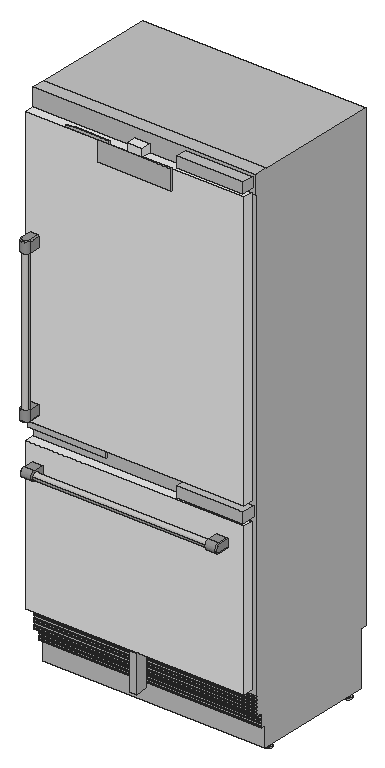
Revit family "FP-3D-Revit20-en-RS9121WRUVE1-IntegratedRefrigerator-0-90003564A", category Specialty Equipment, Revit 2020
Family settings
  Round Connector Dimension = Use Diameter
  Part Type = Normal
  OmniClass Number = 23.40.40.11.11
  OmniClass Title = Refrigerators and Freezers
  Work Plane-Based = No
  Always vertical = Yes
  Cut with Voids When Loaded = Yes
  Shared = No
  Room Calculation Point = No
Parameters (values of type "RS9121WRUVE1")
  Visibility - Water Connection = yes
  Visibility - Visibility Control Note = yes
  Visibility - Clearance Required = yes
  URL = "www.fisherpaykel.com"
  Stainless Steel Door Panels (RD9121WRD) = no
  Product - Width = 908 mm  # constant formula
  Product - Height = 2134 mm  # constant formula
  Product - Depth (exl front panel) = 610 mm  # constant formula
  Model = "RS3084WLU1"
  Material - Handle = Fisher & Paykel - Aluminium
  Material - Door Structure = Fisher & Paykel - White
  Material - Door Front = Fisher & Paykel - Stainless Steel
  Material - Body = Fisher & Paykel - Grey
  Manufacturer = "Fisher & Paykel Appliances"
  Handle Style - Professional Round (AHP3RD9121W) = yes
  Handle Style - Contemporary Square Fine Black (AHD5RD9121WB) = no
  Handle Style - Contemporary Square Fine (AHD5RD9121W) = no
  Handle Style - Contemporary Round (AHSRD9121W) = no
  Description = "30\" Integrated Column Freezer with internal Ice & Water, White Interior"
  Default Elevation = 0 mm
  Connector Description - Water = "1/4\" (6mm) comp. stainless steel braided hose"
  Connector Description - Electrical = "120 V, 10 amp fused electrical supply"
  Cavity - Width = 914 mm  # constant formula
  Cavity - Height = 2134 mm  # constant formula
  Cavity - Depth = 635 mm  # constant formula
Reference planes
  plane 1 "Datum": y = 0
  plane 2: z = 0
  plane 3 "Center (Left/Right)": x = 0
  plane 4 "Product LHS": x = -454
  plane 5 "Product RHS": x = 454
  plane 6 "Product - Depth": y = 610
  plane 7 "Cavity LHS": x = -457
  plane 8 "Cavity RHS": x = 457
  plane 9 "Cavity - Depth": y = 635
  plane 10 "Product Height": z = 2134
  plane 11 "Cavity Height": z = 2134
  plane 12 "Door Panel Datum": y = -4.1
  plane 13 "KNOB 33": x = -390
Forms (mm)
  Extrusion 1, solid, material "Fisher & Paykel - Grey" <- "Material - Body", detail levels fine
    sketch origin (0, 0, 0) x (0, 1, 0) y (0, 0, 1)
      loop
        line (100.1, 19.1) -> (587.9, 19.1) -> (587.9, 239.7) -> (610, 239.7) -> (610, 2132.3) -> (105.1, 2132.3) -> (105.1, 2134) -> (49.9, 2134) -> (49.9, 2059) -> (56, 2059) -> (56, 228.6) -> (59.5, 228.6) -> (59.5, 219.7) -> (56.5, 219.7) -> (56.5, 215.9) -> (59.5, 215.9) -> (59.5, 207) -> (56.5, 207) -> (56.5, 203.2) -> (59.5, 203.2) -> (59.5, 194.3) -> (56.5, 194.3) -> (56.5, 190.5) -> (59.5, 190.5) -> (59.5, 181.6) -> (56.5, 181.6) -> (56.5, 177.8) -> (59.5, 177.8) -> (59.5, 168.9) -> (56.5, 168.9) -> (56.5, 165.1) -> (59.5, 165.1) -> (59.5, 156.2) -> (56.5, 156.2) -> (56.5, 152.4) -> (84.1, 152.4) -> (84.1, 143.5) -> (81.1, 143.5) -> (81.1, 139.7) -> (84.1, 139.7) -> (84.1, 130.8) -> (81.1, 130.8) -> (81.1, 127) -> (84.1, 127) -> (84.1, 118.1) -> (81.1, 118.1) -> (81.1, 114.3) -> (84.1, 114.3) -> (84.1, 105.4) -> (81.1, 105.4) -> (81.1, 101.6) -> (100.1, 101.6) -> (100.1, 19.1)
    from -454 to 454
  Extrusion 2, solid, material "Fisher & Paykel - Grey" <- "Material - Body"
    sketch origin (0, 0, 0) x (1, 0, 0) y (0, 1, 0)
      loop
        circle (-433.5, 547.8) r 4.1
      loop
        circle (-433.5, 141.8) r 4.1
      loop
        circle (433.5, 547.8) r 4.1
      loop
        circle (433.5, 141.8) r 4.1
    from 3 to 19.1
  Extrusion 3, solid, material "Fisher & Paykel - Grey" <- "Material - Body"
    sketch origin (0, 0, 0) x (1, 0, 0) y (0, 1, 0)
      loop
        circle (-433.5, 547.8) r 14.5
      loop
        circle (-433.5, 141.8) r 14.555
      loop
        circle (433.5, 547.8) r 14.5
      loop
        circle (433.5, 141.8) r 14.555
    from 0 to 3
  Extrusion 4, solid, material "Fisher & Paykel - Grey" <- "Material - Body", detail levels fine
    sketch origin (0, 0, 0) x (1, 0, 0) y (0, 1, 0)
      loop
        line (-7.5, 49) -> (-13.797, -4.1) -> (13.797, -4.1) -> (7.5, 49) -> (-7.5, 49)
    from 104.2 to 253.8
  Extrusion 5, solid, material "Fisher & Paykel - Grey" <- "Material - Body", detail levels fine
    sketch origin (0, 0, 0) x (0, 1, 0) y (0, 0, 1)
      loop
        line (0, 2070.6) -> (0, 1988.6) -> (2, 1988.6) -> (2, 2068.6) -> (4, 2068.6) -> (4, 2070.6) -> (0, 2070.6)
    from -150 to 150
  Extrusion 6, solid, material "Fisher & Paykel - Grey" <- "Material - Body"
    sketch origin (0, 0, 0) x (1, 0, 0) y (0, 0, 1)
      loop
        circle (379, 119.813) r 5
      loop
        circle (-379, 119.813) r 5
    from -590 to -587.9
  Extrusion 7, solid, material "Fisher & Paykel - White" <- "Material - Door Structure"
    sketch origin (0, 0, 0) x (1, 0, 0) y (0, 1, 0)
      loop
        line (-429, 56) -> (-429, 42) -> (429, 42) -> (429, 56) -> (-429, 56)
    from 951.3 to 2030.7
  Extrusion 8, solid, material "Fisher & Paykel - White" <- "Material - Door Structure"
    sketch origin (0, 0, 0) x (1, 0, 0) y (0, 1, 0)
      loop
        line (-445.4, 42) -> (-445.4, 3) -> (445.4, 3) -> (445.4, 42) -> (-445.4, 42)
    from 943.8 to 2068.6
  Extrusion 9, solid, material "Fisher & Paykel - White" <- "Material - Door Structure", detail levels fine
    sketch origin (0, 0, 0) x (1, 0, 0) y (0, 0, 1)
      loop
        line (-29.5, 2100.1) -> (-29.5, 2068.6) -> (29.5, 2068.6) -> (29.5, 2100.1) -> (-29.5, 2100.1)
    from -42 to -3
  Extrusion 10, solid, material "Fisher & Paykel - Stainless Steel" <- "Material - Door Front", visible <- "Stainless Steel Door Panels (RD9121WRD)"
    sketch origin (0, 0, 0) x (0, 1, 0) y (0, 0, 1)
      loop
        line (-22.1, 2130.8) -> (-22.1, 876.3) -> (-4.1, 876.3) -> (-4.1, 2130.8) -> (-22.1, 2130.8)
      loop
        line (-22.1, 102) -> (-4.1, 102) -> (-4.1, 873.1) -> (-22.1, 873.1) -> (-22.1, 102)
    from -454 to 454
  Extrusion 11, solid, material "Fisher & Paykel - Grey" <- "Material - Body", detail levels coarse+medium
    sketch origin (0, 0, 0) x (0, 1, 0) y (0, 0, 1)
      loop
        line (49.9, 2134) -> (49.9, 2059) -> (56, 2059) -> (56, 152.4) -> (81.1, 152.4) -> (81.1, 101.6) -> (100.1, 101.6) -> (100.1, 19.1) -> (587.9, 19.1) -> (587.9, 239.7) -> (610, 239.7) -> (610, 2134) -> (49.9, 2134)
    from -454 to 454
  Extrusion 12, solid, material "Fisher & Paykel - Grey" <- "Material - Body", detail levels fine
    sketch origin (0, 0, -4) x (0, 1, 0) y (0, 0, 1)
      loop
        arc (163.888, 23.1) -> (180.4, 13.63) -> (196.912, 23.1) r 19.13
        line (196.912, 23.1) -> (163.888, 23.1)
      loop
        arc (493.888, 23.1) -> (510.4, 13.63) -> (526.912, 23.1) r 19.13
        line (526.912, 23.1) -> (493.888, 23.1)
    from 191 to 219
  Extrusion 13, solid, material "Fisher & Paykel - Grey" <- "Material - Body", detail levels fine
    sketch origin (0, 0, -4) x (0, 1, 0) y (0, 0, -1)
      loop
        line (163.888, -23.1) -> (196.912, -23.1)
        arc (196.912, -23.1) -> (180.4, -13.63) -> (163.888, -23.1) r 19.13
      loop
        line (493.888, -23.1) -> (526.912, -23.1)
        arc (526.912, -23.1) -> (510.4, -13.63) -> (493.888, -23.1) r 19.13
    from 191 to 219
  Extrusion 14, solid, material "Fisher & Paykel - Clearance Required", visible <- "Visibility - Clearance Required", detail levels coarse
    sketch origin (0, 0, 0) x (1, 0, 0) y (0, 1, 0)
      loop
        line (-457, 635) -> (-457, -4.1) -> (457, -4.1) -> (457, 635) -> (-457, 635)
    from 0 to 2134
  Extrusion 15, void
    sketch origin (0, 0, 0) x (1, 0, 0) y (0, 1, 0)
      loop
        line (-457, 635) -> (-457, -22.1) -> (457, -22.1) -> (457, 635) -> (-457, 635)
    from 0 to 2134
  Extrusion 16, solid, material "Fisher & Paykel - White" <- "Material - Door Structure"
    sketch origin (0, 0, 0) x (1, 0, 0) y (0, 1, 0)
      loop
        line (-445.4, 42) -> (-445.4, 3) -> (445.4, 3) -> (445.4, 42) -> (-445.4, 42)
    from 253.8 to 868.15
  Extrusion 17, solid, material "Fisher & Paykel - White" <- "Material - Door Structure"
    sketch origin (0, 0, 0) x (1, 0, 0) y (0, 1, 0)
      loop
        line (-429, 56) -> (-429, 42) -> (429, 42) -> (429, 56) -> (-429, 56)
    from 269.2 to 858.13
  Extrusion 18, solid, material "Fisher & Paykel - Clearance Required", visible <- "Visibility - Clearance Required", detail levels coarse
    sketch origin (0, 0, 0) x (0, 1, 0) y (0, 0, 1)
      loop
        line (-422.1, 873.1) -> (-422.1, 818.896) -> (-482.1, 818.896) -> (-482.1, 781.896) -> (-422.1, 781.896) -> (-422.1, 101.6) -> (-22.1, 101.6) -> (-22.1, 873.1) -> (-422.1, 873.1)
    from -454 to 454
  Extrusion 19, solid, material "Fisher & Paykel - Clearance Required", visible <- "Visibility - Clearance Required", detail levels coarse
    sketch origin (0, -0.697, 0) x (-1, 0, 0) y (0, -1, 0)
      loop
        line (377.5, 21.403) -> (454, 21.403)
        arc (454, 21.403) -> (456.992, 56.377) -> (491.915, 59.919) r 27.5
        line (491.915, 59.919) -> (773.006, 826.779) -> (799.252, 817.159)
        arc (799.252, 817.159) -> (823.815, 826.099) -> (814.875, 850.661) r 18.483
        line (814.875, 850.661) -> (788.602, 862.912) -> (810.604, 910.252)
        arc (810.604, 910.252) -> (-56.539, 799.947) -> (-454, 21.403) r 935.499
        line (-454, 21.403) -> (377.5, 21.403)
    from 876.3 to 2134
  Extrusion 20, solid, material "Fisher & Paykel - Grey" <- "Material - Body", detail levels fine
    sketch origin (0, 0, 0) x (1, 0, 0) y (0, 0, 1)
      loop
        line (442.4, 2123.15) -> (171.42, 2123.15) -> (171.42, 2081.05) -> (442.4, 2081.05) -> (442.4, 2123.15)
    from -49 to -2.5
  Extrusion 21, solid, material "Fisher & Paykel - Grey" <- "Material - Body", detail levels fine
    sketch origin (0, 0, 0) x (1, 0, 0) y (0, 0, 1)
      loop
        line (442.4, 877.25) -> (442.4, 919.35) -> (171.42, 919.35) -> (171.42, 877.25) -> (442.4, 877.25)
    from -56 to -2.5
  Extrusion 22, solid, material "Fisher & Paykel - Grey" <- "Material - Body", detail levels fine
    sketch origin (0, 0, 0) x (-1, 0, 0) y (0, 0, -1)
      loop
        line (118.4, -943.8) -> (435.4, -943.8) -> (435.4, -919.35) -> (118.4, -919.35) -> (118.4, -943.8)
      loop
        line (106, -2081.05) -> (242.9, -2081.05) -> (282.9, -2076.05) -> (282.9, -2068.6) -> (106, -2068.6) -> (106, -2081.05)
    from -7 to -4
Lines and regions (mm)
  model lines, style "Fisher & Paykel"
    curve 1: line (-454, -4.1, 2130.8) -> (454, -4.1, 2130.8)
    curve 2: line (-454, -4.1, 876.3) -> (-454, -4.1, 2130.8)
    curve 3: line (454, -4.1, 876.3) -> (-454, -4.1, 876.3)
    curve 4: line (454, -4.1, 2130.8) -> (454, -4.1, 876.3)
    curve 5: line (454, -4.1, 873.1) -> (-454, -4.1, 873.1)
    curve 6: line (454, -4.1, 102) -> (454, -4.1, 873.1)
    curve 7: line (-454, -4.1, 102) -> (454, -4.1, 102)
    curve 8: line (-454, -4.1, 873.1) -> (-454, -4.1, 102)
Text (mm)
  text "Due to ongoing product development, product details are subject to change without notice. \nPlease always refer to www.fisherpaykel.com for the most current product information. \n© Fisher & Paykel 2020" at (41.04, -878.295, 0), in view "Ref. Level (Plan)"
Dimensions and locks
  equal spacing: plane 4 "Product LHS", plane 3 "Center (Left/Right)", plane 5 "Product RHS"
  "Product - Width": plane 4 "Product LHS" to plane 5 "Product RHS"
  "Product - Depth (exl front panel)": plane 1 "Datum" to plane 6 "Product - Depth"
  equal spacing: plane 7 "Cavity LHS", plane 3 "Center (Left/Right)", plane 8 "Cavity RHS"
  "Cavity - Width": plane 7 "Cavity LHS" to plane 8 "Cavity RHS"
  "Cavity - Depth": plane 9 "Cavity - Depth" to plane 1 "Datum"
  plane 4 "Product LHS" to Extrusion 2 sketch curve = 24.6 mm
  Extrusion 6 sketch curve to Extrusion 1 = 119.887 mm  (x2)
  Extrusion 6 sketch curve to plane 5 "Product RHS" = 75 mm
  plane 4 "Product LHS" to Extrusion 6 sketch curve = 75 mm
  Extrusion 1 sketch curve to Extrusion 1 sketch curve = 82.5 mm
  Extrusion 1 sketch curve to Extrusion 1 sketch curve = 209.5 mm
  Extrusion 1 sketch curve to Extrusion 1 sketch curve = 220.6 mm
  Extrusion 3 to level = 3 mm
  Extrusion 11 to Extrusion 8 = 924.7 mm
  Extrusion 11 to Extrusion 7 = 932.2 mm
  Extrusion 11 to Extrusion 11 = 2114.9 mm
  Extrusion 11 to Extrusion 10 = 82.9 mm
  "Product - Height": level to plane 10 "Product Height"
  plane 10 "Product Height" to Extrusion 10 = 3.2 mm
  Extrusion 8 to plane 10 "Product Height" = 65.4 mm
  Extrusion 7 to plane 10 "Product Height" = 103.3 mm
  Extrusion 11 sketch curve to plane 10 "Product Height" = 75 mm
  Extrusion 1 sketch curve to plane 10 "Product Height" = 1.7 mm
  Extrusion 1 sketch curve to plane 10 "Product Height" = 75 mm
  "Cavity - Height": plane 11 "Cavity Height" to level
  plane 1 "Datum" to Extrusion 14 = 635 mm
  plane 1 "Datum" to Extrusion 15 = 635 mm
  Extrusion 15 to level = 2134 mm
  nested 6 to curve 6 = 454 mm
  Extrusion 22 sketch curve to Extrusion 22 sketch curve = 40 mm
  Extrusion 22 sketch curve to Extrusion 22 sketch curve = 176.9 mm
  radius of Extrusion 6 sketch curve = 5 mm
  aligned and locked: level to plane 2
  aligned and locked: Extrusion 10 to plane 5 "Product RHS"
  aligned and locked: plane 4 "Product LHS" to Extrusion 10
  aligned and locked: Extrusion 11 to plane 5 "Product RHS"
  aligned and locked: Extrusion 11 to plane 4 "Product LHS"
  aligned and locked: Extrusion 11 sketch curve to plane 10 "Product Height"
  aligned and locked: plane 10 "Product Height" to Extrusion 1 sketch curve
  aligned and locked: Extrusion 12 sketch curve to Extrusion 12 sketch curve
  aligned and locked: Extrusion 13 sketch curve to Extrusion 13 sketch curve
  aligned and locked: Extrusion 1 to plane 5 "Product RHS"
  aligned and locked: plane 4 "Product LHS" to Extrusion 1
  aligned and locked: Extrusion 1 to Extrusion 18
  aligned and locked: Extrusion 18 to Extrusion 1
  aligned and locked: plane 13 "KNOB 33" to nested 7
Automatic sketch dimensions
  Extrusion 1 sketch curve to plane 6 "Product - Depth" = 0 mm
  Extrusion 1 sketch curve to Extrusion 1 sketch curve = 22.1 mm
  Extrusion 1 sketch curve to plane 1 "Datum" = 105.1 mm
  level to Extrusion 1 sketch curve = 19.1 mm
  Extrusion 1 sketch curve to plane 1 "Datum" = 100.1 mm
  Extrusion 1 sketch curve to Extrusion 1 sketch curve = 16 mm
  Extrusion 1 sketch curve to Extrusion 1 sketch curve = 0 mm  (x8)
  Extrusion 1 sketch curve to Extrusion 1 sketch curve = 3 mm  (x10)
  Extrusion 1 sketch curve to plane 1 "Datum" = 59.5 mm
  Extrusion 1 sketch curve to plane 1 "Datum" = 56 mm
  Extrusion 1 sketch curve to plane 1 "Datum" = 49.9 mm
  Extrusion 1 sketch curve to Extrusion 1 sketch curve = 3.8 mm  (x10)
  Extrusion 1 sketch curve to Extrusion 1 sketch curve = 8.9 mm  (x9)
  Extrusion 2 sketch curve to plane 4 "Product LHS" = 20.5 mm  (x2)
  plane 5 "Product RHS" to Extrusion 2 sketch curve = 20.5 mm  (x2)
  Extrusion 2 sketch curve to plane 1 "Datum" = 141.8 mm  (x2)
  Extrusion 2 sketch curve to plane 6 "Product - Depth" = 62.2 mm  (x2)
  Extrusion 3 sketch curve to plane 4 "Product LHS" = 20.5 mm  (x2)
  plane 5 "Product RHS" to Extrusion 3 sketch curve = 20.5 mm  (x2)
  Extrusion 3 sketch curve to plane 1 "Datum" = 141.8 mm  (x2)
  Extrusion 3 sketch curve to plane 6 "Product - Depth" = 62.2 mm  (x2)
  Extrusion 4 sketch curve to plane 12 "Door Panel Datum" = 0 mm
  Extrusion 4 sketch curve to plane 3 "Center (Left/Right)" = 13.797 mm
  Extrusion 4 sketch curve to plane 3 "Center (Left/Right)" = 7.5 mm
  plane 3 "Center (Left/Right)" to Extrusion 4 sketch curve = 7.5 mm
  plane 3 "Center (Left/Right)" to Extrusion 4 sketch curve = 13.797 mm
  Extrusion 4 sketch curve to plane 1 "Datum" = 49 mm
  Extrusion 5 sketch curve to plane 1 "Datum" = 0 mm
  Extrusion 5 sketch curve to plane 1 "Datum" = 2 mm
  Extrusion 5 sketch curve to Extrusion 5 sketch curve = 2 mm  (x2)
  plane 10 "Product Height" to Extrusion 5 sketch curve = 145.4 mm
  plane 10 "Product Height" to Extrusion 5 sketch curve = 65.4 mm
  Extrusion 7 sketch curve to plane 4 "Product LHS" = 25 mm
  plane 5 "Product RHS" to Extrusion 7 sketch curve = 25 mm
  Extrusion 7 sketch curve to plane 1 "Datum" = 42 mm
  Extrusion 7 sketch curve to Extrusion 7 sketch curve = 14 mm
  Extrusion 8 sketch curve to plane 1 "Datum" = 3 mm
  Extrusion 8 sketch curve to plane 4 "Product LHS" = 8.6 mm
  plane 5 "Product RHS" to Extrusion 8 sketch curve = 8.6 mm
  Extrusion 8 sketch curve to Extrusion 8 sketch curve = 39 mm
  Extrusion 9 sketch curve to plane 3 "Center (Left/Right)" = 29.5 mm
  plane 3 "Center (Left/Right)" to Extrusion 9 sketch curve = 29.5 mm
  plane 10 "Product Height" to Extrusion 9 sketch curve = 65.4 mm
  Extrusion 9 sketch curve to Extrusion 9 sketch curve = 31.5 mm
  Extrusion 10 sketch curve to plane 12 "Door Panel Datum" = 0 mm  (x2)
  plane 10 "Product Height" to Extrusion 10 sketch curve = 3.2 mm
  Extrusion 10 sketch curve to plane 12 "Door Panel Datum" = 18 mm
  Extrusion 10 sketch curve to Extrusion 10 sketch curve = 0 mm
  level to Extrusion 10 sketch curve = 876.3 mm
  Extrusion 10 sketch curve to Extrusion 10 sketch curve = 3.2 mm
  level to Extrusion 10 sketch curve = 102 mm
  Extrusion 11 sketch curve to plane 6 "Product - Depth" = 0 mm
  Extrusion 11 sketch curve to plane 6 "Product - Depth" = 22.1 mm
  Extrusion 11 sketch curve to plane 1 "Datum" = 100.1 mm
  Extrusion 11 sketch curve to Extrusion 11 sketch curve = 19 mm
  Extrusion 11 sketch curve to plane 1 "Datum" = 56 mm
  Extrusion 11 sketch curve to plane 1 "Datum" = 49.9 mm
  level to Extrusion 11 sketch curve = 239.7 mm
  level to Extrusion 11 sketch curve = 152.4 mm
  Extrusion 11 sketch curve to Extrusion 11 sketch curve = 50.8 mm
  level to Extrusion 11 sketch curve = 19.1 mm
  level to Extrusion 12 sketch curve = 19.1 mm
  Extrusion 12 sketch curve to plane 1 "Datum" = 163.888 mm
  Extrusion 12 sketch curve to Extrusion 12 sketch curve = 16.512 mm  (x2)
  Extrusion 12 sketch curve to plane 6 "Product - Depth" = 116.112 mm
  Extrusion 12 sketch curve to Extrusion 12 sketch curve = 9.66 mm  (x2)
  level to Extrusion 13 sketch curve = 19.1 mm
  Extrusion 13 sketch curve to plane 1 "Datum" = 163.888 mm
  Extrusion 13 sketch curve to Extrusion 13 sketch curve = 16.512 mm  (x2)
  Extrusion 13 sketch curve to plane 6 "Product - Depth" = 116.112 mm
  Extrusion 13 sketch curve to Extrusion 13 sketch curve = 9.66 mm  (x2)
  Extrusion 14 sketch curve to plane 7 "Cavity LHS" = 0 mm
  Extrusion 14 sketch curve to plane 8 "Cavity RHS" = 0 mm
  Extrusion 14 sketch curve to plane 12 "Door Panel Datum" = 0 mm
  Extrusion 14 sketch curve to plane 9 "Cavity - Depth" = 0 mm
  Extrusion 15 sketch curve to plane 7 "Cavity LHS" = 0 mm
  Extrusion 15 sketch curve to plane 8 "Cavity RHS" = 0 mm
  Extrusion 15 sketch curve to plane 9 "Cavity - Depth" = 0 mm
  Extrusion 15 sketch curve to plane 12 "Door Panel Datum" = 18 mm
  Extrusion 16 sketch curve to plane 1 "Datum" = 3 mm
  Extrusion 16 sketch curve to plane 4 "Product LHS" = 8.6 mm
  plane 5 "Product RHS" to Extrusion 16 sketch curve = 8.6 mm
  Extrusion 16 sketch curve to Extrusion 16 sketch curve = 39 mm
  Extrusion 17 sketch curve to plane 4 "Product LHS" = 25 mm
  plane 5 "Product RHS" to Extrusion 17 sketch curve = 25 mm
  Extrusion 17 sketch curve to plane 1 "Datum" = 42 mm
  Extrusion 17 sketch curve to Extrusion 17 sketch curve = 14 mm
  Extrusion 18 sketch curve to plane 12 "Door Panel Datum" = 478 mm
  Extrusion 18 sketch curve to Extrusion 18 sketch curve = 60 mm
  Extrusion 18 sketch curve to Extrusion 18 sketch curve = 0 mm
  Extrusion 18 sketch curve to plane 12 "Door Panel Datum" = 18 mm
  level to Extrusion 18 sketch curve = 101.6 mm
  Extrusion 18 sketch curve to Extrusion 18 sketch curve = 680.296 mm
  Extrusion 18 sketch curve to Extrusion 18 sketch curve = 37 mm
  Extrusion 18 sketch curve to Extrusion 18 sketch curve = 54.204 mm
  Extrusion 19 sketch curve to plane 5 "Product RHS" = 0 mm
  Extrusion 19 sketch curve to plane 13 "KNOB 33" = 12.5 mm
  plane 4 "Product LHS" to Extrusion 19 sketch curve = 0 mm
  Extrusion 19 sketch curve to plane 7 "Cavity LHS" = 19.59 mm
  Extrusion 19 sketch curve to Extrusion 19 sketch curve = 4.816 mm
  Extrusion 19 sketch curve to Extrusion 19 sketch curve = 10.509 mm
  Extrusion 19 sketch curve to plane 7 "Cavity LHS" = 316.006 mm
  Extrusion 19 sketch curve to Extrusion 19 sketch curve = 15.596 mm
  Extrusion 19 sketch curve to Extrusion 19 sketch curve = 26.246 mm
  Extrusion 19 sketch curve to Extrusion 19 sketch curve = 7.811 mm  (x2)
  Extrusion 19 sketch curve to Extrusion 19 sketch curve = 22.003 mm
  plane 12 "Door Panel Datum" to Extrusion 19 sketch curve = 906.849 mm
  Extrusion 19 sketch curve to Extrusion 19 sketch curve = 47.339 mm
  Extrusion 19 sketch curve to Extrusion 19 sketch curve = 12.251 mm
  Extrusion 19 sketch curve to Extrusion 19 sketch curve = 16.751 mm
  Extrusion 19 sketch curve to Extrusion 19 sketch curve = 9.62 mm
  Extrusion 19 sketch curve to Extrusion 19 sketch curve = 22.833 mm
  plane 5 "Product RHS" to curve 5 = 0 mm
  plane 5 "Product RHS" to curve 1 = 0 mm
  plane 4 "Product LHS" to curve 5 = 0 mm
  plane 4 "Product LHS" to curve 2 = 0 mm
  level to curve 6 = 102 mm
  curve 6 to curve 6 = 771.1 mm
  curve 5 to curve 2 = 3.2 mm
  plane 10 "Product Height" to curve 2 = 3.2 mm
  plane 10 "Product Height" to Extrusion 20 sketch curve = 10.85 mm
  plane 3 "Center (Left/Right)" to Extrusion 20 sketch curve = 171.42 mm
  plane 5 "Product RHS" to Extrusion 20 sketch curve = 11.6 mm
  Extrusion 20 sketch curve to Extrusion 20 sketch curve = 42.1 mm
  plane 3 "Center (Left/Right)" to Extrusion 21 sketch curve = 171.42 mm
  plane 5 "Product RHS" to Extrusion 21 sketch curve = 11.6 mm
  level to Extrusion 21 sketch curve = 877.25 mm
  Extrusion 21 sketch curve to Extrusion 21 sketch curve = 42.1 mm
  Extrusion 22 sketch curve to plane 10 "Product Height" = 52.95 mm
  plane 3 "Center (Left/Right)" to Extrusion 22 sketch curve = 106 mm
  plane 3 "Center (Left/Right)" to Extrusion 22 sketch curve = 118.4 mm
  plane 4 "Product LHS" to Extrusion 22 sketch curve = 18.6 mm
  Extrusion 22 sketch curve to Extrusion 22 sketch curve = 5 mm
  Extrusion 22 sketch curve to Extrusion 22 sketch curve = 12.45 mm
  Extrusion 22 sketch curve to level = 943.8 mm
  Extrusion 22 sketch curve to Extrusion 22 sketch curve = 24.45 mm
  radius of Extrusion 2 sketch curve = 4.1 mm  (x3)
  radius of Extrusion 3 sketch curve = 14.5 mm  (x2)
  radius of Extrusion 3 sketch curve = 14.555 mm  (x2)
  radius of Extrusion 6 sketch curve = 5 mm
Nested families
  nested 1: "Visibility Control Note 18" at (0, 0, 0), visible <- "Visibility - Visibility Control Note", type "Visibility Control Note 18"
  nested 2: "Handle Contemporary Square - Horizontal" at (0, -22.1, 800.364), type "AHD3RD3684W - Contemporary square handle (2 of 2) (Horizontal) 798mm", not visible
  nested 3: "F&P Handle Kit - Contemporary Square Fine - Horizontal" at (0, -22.1, 800.364), type "AHD5RD3684WB - Contemporary square fine black handle (2 of 2) (Horizontal) 798mm", not visible
  nested 4: "F&P Handle Kit - Contemporary Square Fine - Horizontal" at (0, -22.1, 800.364), visible <- "Handle Style - Contemporary Square Fine Black (AHD5RD9121WB)", type "AHD5RD3684WB - Contemporary square fine black handle (2 of 2) (Horizontal) 798mm"
  nested 5: "Handle Contemporary Round - Horizontal" at (0, -22.1, 800), visible <- "Handle Style - Contemporary Round (AHSRD9121W)", type "AHSRD3684W - Contemporary round handle (2 of 2) (Horizontal) 798mm"
  nested 6: "F&P Handle Kit - Contemporary Square Fine - Horizontal" at (0, -22.1, 799.994), visible <- "Handle Style - Contemporary Square Fine (AHD5RD9121W)", type "AHD5RD3684W - Contemporary square fine handle (2 of 2) (Horizontal) 798mm"
  nested 7: "F&P Handle Kit - Contemporary Square Fine - Vertical" at (-390, -22.1, 1322.58) x (-1, 0, 0) z (0, 0, 1), visible <- "Handle Style - Contemporary Square Fine Black (AHD5RD9121WB)", type "AHD5RD9121WB - Contemporary square fine black handle (1 of 2) (Vertical) 727mm"
  nested 8: "F&P Handle Kit - Contemporary Square Fine - Vertical" at (-390.3, -22.1, 1322.58) x (-1, 0, 0) z (0, 0, 1), visible <- "Handle Style - Contemporary Square Fine (AHD5RD9121W)", type "AHD5RD9121W - Contemporary square fine handle (1 of 2) (Vertical) 727mm"
  nested 9: "Handle Contemporary Round - Vertical" at (-390, -22.1, 1322.58) x (-1, 0, 0) z (0, 0, 1), visible <- "Handle Style - Contemporary Round (AHSRD9121W)", type "AHSRD9121W - Contemporary round handle (1 of 2) (Vertical) 727mm"
  nested 10: "Handle Professional Round - Horizontal" at (0, -22.1, 800.342), visible <- "Handle Style - Professional Round (AHP3RD9121W)", type "AHP3RD9121W - Professional round handle (2 of 2) (Horizontal) 798mm"
  nested 11: "Handle Professional Round - Vertical" at (-390, -22.1, 1322.58), visible <- "Handle Style - Professional Round (AHP3RD9121W)", type "AHP3RD9121W - Professional round handle (1 of 2) (Vertical) 661mm"
Connectors
  electrical at (-379, 590, 119.813), driven by "Connector Description - Electrical"
    settings: on Extrusion 6, index 1, voltage 120 V, apparent load 0 VA, apparent load phase1 0 VA, apparent load phase2 0 VA, apparent load phase3 0 VA, power factor 1, load classification "Other", number of poles 1, system type 30, power factor state 1, is connector primary yes, connector utility no, sub classification motor no, connector description "120 V, 10 amp fused electrical supply"
  piping at (379, 590, 119.813), diameter 12.7, driven by "Visibility - Water Connection", driven by "Connector Description - Water"
    settings: on Extrusion 6, index 2, connector inside diameter 609.6 mm, connector length 0 mm, flow factor 0, pipe flow 0.0 L/s, pressure drop 0.0 Pa, fitting loss kfactor 0, connector angle 0.00°, fixture units 0, engagement length 0 mm, angle of deflection 0.00°, flow configuration 0, flow direction 1, fitting loss method 0, system type 20, joint type 0, gender type 0, connector reference index -1, connector utility 1, adjustable connector no, is connector primary yes, connector description "1/4\" (6mm) comp. stainless steel braided hose"
Definition of nested family "Handle Contemporary Square - Horizontal"
  Parameters (values of type "AHD3RD3684W - Contemporary square handle (2 of 2) (Horizontal) 798mm")
    URL = "www.fisherpaykel.com"
    Material - Handle = none
    Manufacturer = "Fisher & Paykel Appliances"
    Handle - Length = 798 mm
    Default Elevation = 0 mm
  Types (2, lengths in mm): name | Handle - Length
    AHD3RD3084W - Contemporary square handle (2 of 2) (Horizontal) 646mm | 646
    AHD3RD3684W - Contemporary square handle (2 of 2) (Horizontal) 798mm | 798
  Reference planes
    plane 1 "Center (Front/Back)": y = 0
    plane 2: z = 0
    plane 3 "Center (Left/Right)": x = 0
    plane 4 "Product LHS": x = -399
    plane 5 "Product RHS": x = 399
    plane 6 "LHS Standoff": x = -278.995
    plane 7 "RHS Standoff": x = 279.005
  Forms (mm)
    Extrusion 1, solid, material <- "Material - Handle", detail levels fine
      sketch origin (0, 0, 0) x (0, 1, 0) y (0, 0, 1)
        loop
          arc (-28.701, 7.561) -> (-29.057, 7.868) -> (-29.514, 7.978) r 1
          line (-29.514, 7.978) -> (-40.5, 7.978)
          arc (-40.5, 7.978) -> (-41.561, 7.539) -> (-42, 6.478) r 1.5
          line (-42, 6.478) -> (-42, -6.522)
          arc (-42, -6.522) -> (-41.561, -7.583) -> (-40.5, -8.022) r 1.5
          line (-40.5, -8.022) -> (-29.487, -8.022)
          arc (-29.487, -8.022) -> (-29.029, -7.911) -> (-28.673, -7.602) r 1
          arc (-28.673, -7.602) -> (-26.256, -0.016) -> (-28.701, 7.561) r 13.038
      from -399 to 399
    Extrusion 2, solid, material <- "Material - Handle", detail levels fine
      sketch origin (0, 0, 0) x (0, 1, 0) y (0, 0, 1)
        loop
          arc (-28.23, 7.062) -> (-26.156, 0.008) -> (-28.198, -7.056) r 13.136
          arc (-28.198, -7.056) -> (-28.21, -7.463) -> (-27.86, -7.67) r 0.4
          line (-27.86, -7.67) -> (0, -7.67) -> (0, 7.678) -> (-27.893, 7.678)
          arc (-27.893, 7.678) -> (-28.244, 7.47) -> (-28.23, 7.062) r 0.4
      from 279.005 to 399
    Extrusion 3, solid, material <- "Material - Handle", detail levels fine
      sketch origin (0, 0, 0) x (0, 1, 0) y (0, 0, -1)
        loop
          arc (-28.23, -7.062) -> (-28.244, -7.47) -> (-27.893, -7.678) r 0.4
          line (-27.893, -7.678) -> (0, -7.678) -> (0, 7.67) -> (-27.86, 7.67)
          arc (-27.86, 7.67) -> (-28.21, 7.463) -> (-28.198, 7.056) r 0.4
          arc (-28.198, 7.056) -> (-26.156, -0.008) -> (-28.23, -7.062) r 13.136
      from 278.995 to 399
    Sweep 4, void
      path in 3D
        loop
          line (399, -29.514, 7.978) -> (399, -40.5, 7.978)
          arc (399, -40.5, 7.978) -> (399, -41.561, 7.539) -> (399, -42, 6.478) r 1.5
          line (399, -42, 6.478) -> (399, -42, -6.522)
          arc (399, -42, -6.522) -> (399, -41.561, -7.583) -> (399, -40.5, -8.022) r 1.5
          line (399, -40.5, -8.022) -> (399, -29.487, -8.022)
      profile origin (399, -35.007, 7.978) x (1, 0, 0) y (0, 0, 1)
        loop
          line (0, 0) -> (-1.3, 0) -> (0, -1.3) -> (0, 0)
    Sweep 5, void
      path in 3D
        loop
          line (-399, -29.487, -8.022) -> (-399, -40.5, -8.022)
          arc (-399, -40.5, -8.022) -> (-399, -41.561, -7.583) -> (-399, -42, -6.522) r 1.5
          line (-399, -42, -6.522) -> (-399, -42, 6.478)
          arc (-399, -42, 6.478) -> (-399, -41.561, 7.539) -> (-399, -40.5, 7.978) r 1.5
          line (-399, -40.5, 7.978) -> (-399, -29.514, 7.978)
      profile origin (-399, -35.007, 7.978) x (-1, 0, 0) y (0, 0, 1)
        loop
          line (0, 0) -> (-1.3, 0) -> (0, -1.3) -> (0, 0)
    Extrusion 6, void
      sketch origin (0, 0, 0) x (1, 0, 0) y (0, 0, 1)
        loop
          line (399, 7.978) -> (397.7, 7.978) -> (399, 6.678) -> (399, 7.978)
        loop
          line (399, -8.022) -> (399, -6.722) -> (397.7, -8.022) -> (399, -8.022)
      from 0 to 40
    Extrusion 7, void
      sketch origin (0, 0, 0) x (1, 0, 0) y (0, 0, 1)
        loop
          line (-399, 7.978) -> (-399, 6.678) -> (-397.7, 7.978) -> (-399, 7.978)
        loop
          line (-399, -8.022) -> (-397.7, -8.022) -> (-399, -6.722) -> (-399, -8.022)
      from 0 to 40
    Extrusion 8, solid, material <- "Material - Handle", detail levels coarse+medium
      sketch origin (0, 0, 0) x (1, 0, 0) y (0, 1, 0)
        loop
          line (-399, -42) -> (399, -42) -> (399, 0) -> (279.005, 0) -> (279.005, -26.156) -> (-278.995, -26.156) -> (-278.995, 0) -> (-399, 0) -> (-399, -42)
      from -8.022 to 7.978
  Cuts and joins
    Sweep 4, Sweep 5, Extrusion 6, Extrusion 7 cuts Extrusion 1
    Extrusion 6 cuts Extrusion 2
    Extrusion 7 cuts Extrusion 3
  Lines and regions (mm)
    sketch lines
      curve 1: line (399, -29.514, 7.978) -> (399, -40.5, 7.978)
      curve 2: arc (399, -42, 6.478) -> (399, -41.561, 7.539) -> (399, -40.5, 7.978) r 1.5
      curve 3: line (399, -42, 6.478) -> (399, -42, -6.522)
      curve 4: arc (399, -40.5, -8.022) -> (399, -41.561, -7.583) -> (399, -42, -6.522) r 1.5
      curve 5: line (399, -40.5, -8.022) -> (399, -29.487, -8.022)
      curve 6: line (-399, -40.5, 7.978) -> (-399, -29.514, 7.978)
      curve 7: arc (-399, -40.5, 7.978) -> (-399, -41.561, 7.539) -> (-399, -42, 6.478) r 1.5
      curve 8: line (-399, -42, -6.522) -> (-399, -42, 6.478)
      curve 9: arc (-399, -42, -6.522) -> (-399, -41.561, -7.583) -> (-399, -40.5, -8.022) r 1.5
      curve 10: line (-399, -29.487, -8.022) -> (-399, -40.5, -8.022)
  Dimensions and locks
    equal spacing: plane 4 "Product LHS", plane 3 "Center (Left/Right)", plane 5 "Product RHS"
    "Handle - Length": plane 4 "Product LHS" to plane 5 "Product RHS"
    locked: plane 4 "Product LHS" to plane 6 "LHS Standoff" at 120.005
    locked: plane 7 "RHS Standoff" to plane 5 "Product RHS" at 119.995
    aligned and locked: level to plane 2
    aligned and locked: Extrusion 1 to plane 5 "Product RHS"
    aligned and locked: plane 4 "Product LHS" to Extrusion 1
    aligned and locked: Extrusion 2 to plane 5 "Product RHS"
    aligned and locked: plane 4 "Product LHS" to Extrusion 3
    aligned and locked: plane 4 "Product LHS" to Extrusion 8 sketch curve
    aligned and locked: Extrusion 8 sketch curve to plane 5 "Product RHS"
    aligned and locked: Extrusion 8 sketch curve to plane 7 "RHS Standoff"
    aligned and locked: plane 6 "LHS Standoff" to Extrusion 8 sketch curve
    aligned and locked: Extrusion 2 to plane 7 "RHS Standoff"
    aligned and locked: plane 6 "LHS Standoff" to Extrusion 3
  Automatic sketch dimensions
    Extrusion 1 sketch curve to level = 6.522 mm
    plane 1 "Center (Front/Back)" to Extrusion 1 sketch curve = 42 mm
    Extrusion 1 sketch curve to Extrusion 1 sketch curve = 1.5 mm  (x2)
    Extrusion 1 sketch curve to level = 0.04 mm
    Extrusion 1 sketch curve to Extrusion 1 sketch curve = 1.206 mm
    level to Extrusion 1 sketch curve = 6.978 mm
    Extrusion 1 sketch curve to Extrusion 1 sketch curve = 10.986 mm
    Extrusion 1 sketch curve to Extrusion 1 sketch curve = 11.013 mm
    Extrusion 1 sketch curve to Extrusion 1 sketch curve = 1 mm
    level to Extrusion 1 sketch curve = 6.478 mm
    Extrusion 1 sketch curve to Extrusion 1 sketch curve = 0 mm
    Extrusion 2 sketch curve to plane 1 "Center (Front/Back)" = 0 mm
    Extrusion 2 sketch curve to level = 7.67 mm
    Extrusion 2 sketch curve to Extrusion 2 sketch curve = 27.86 mm
    level to Extrusion 2 sketch curve = 7.678 mm
    Extrusion 2 sketch curve to Extrusion 2 sketch curve = 0.033 mm
    Extrusion 2 sketch curve to level = 0.022 mm
    Extrusion 2 sketch curve to Extrusion 2 sketch curve = 11.398 mm
    Extrusion 2 sketch curve to Extrusion 2 sketch curve = 0.4 mm  (x2)
    Extrusion 2 sketch curve to Extrusion 2 sketch curve = 0 mm
    Extrusion 3 sketch curve to plane 1 "Center (Front/Back)" = 0 mm
    Extrusion 3 sketch curve to level = 7.67 mm
    Extrusion 3 sketch curve to Extrusion 3 sketch curve = 27.86 mm
    level to Extrusion 3 sketch curve = 7.678 mm
    Extrusion 3 sketch curve to Extrusion 3 sketch curve = 0.033 mm
    Extrusion 3 sketch curve to level = 0.022 mm
    Extrusion 3 sketch curve to Extrusion 3 sketch curve = 11.398 mm
    Extrusion 3 sketch curve to Extrusion 3 sketch curve = 0.4 mm  (x2)
    Extrusion 3 sketch curve to Extrusion 3 sketch curve = 0 mm
    profile plane to Sweep 4 sketch curve = 0 mm
    Sweep 4 sketch curve to profile plane = 0 mm
    Sweep 4 sketch curve to profile plane = 1.3 mm
    profile plane to Sweep 4 sketch curve = 1.3 mm
    Sweep 5 sketch curve to profile plane = 0 mm  (x2)
    profile plane to Sweep 5 sketch curve = 1.3 mm
    Sweep 5 sketch curve to profile plane = 1.3 mm
    plane 5 "Product RHS" to Extrusion 6 sketch curve = 0 mm  (x2)
    Extrusion 6 sketch curve to Extrusion 6 sketch curve = 1.3 mm  (x4)
    Extrusion 6 sketch curve to level = 6.722 mm
    level to Extrusion 6 sketch curve = 6.678 mm
    plane 4 "Product LHS" to Extrusion 7 sketch curve = 0 mm  (x2)
    Extrusion 7 sketch curve to plane 4 "Product LHS" = 1.3 mm  (x2)
    Extrusion 7 sketch curve to level = 8.022 mm
    level to Extrusion 7 sketch curve = 6.678 mm
    Extrusion 7 sketch curve to Extrusion 7 sketch curve = 1.3 mm  (x2)
    plane 1 "Center (Front/Back)" to Extrusion 8 sketch curve = 0 mm  (x2)
    Extrusion 8 sketch curve to Extrusion 8 sketch curve = 26.156 mm
    Extrusion 8 sketch curve to Extrusion 8 sketch curve = 42 mm
Definition of nested family "F&P Handle Kit - Contemporary Square Fine - Horizontal"
  Parameters (values of type "AHD5RD3684WB - Contemporary square fine black handle (2 of 2) (Horizontal) 798mm")
    URL = "www.fisherpaykel.com"
    Material - Handle = none
    Manufacturer = "Fisher & Paykel Appliances"
    Handle - Length = 798 mm
    Default Elevation = 0 mm
  Types (4, lengths in mm): name | Handle - Length
    AHD5RD3084W - Contemporary square fine handle (2 of 2) (Horizontal) 646mm | 646
    AHD5RD3084WB - Contemporary square fine black handle (2 of 2) (Horizontal) 646mm | 646
    AHD5RD3684W - Contemporary square fine handle (2 of 2) (Horizontal) 798mm | 798
    AHD5RD3684WB - Contemporary square fine black handle (2 of 2) (Horizontal) 798mm | 798
  Reference planes
    plane 1 "Center (Front/Back)": y = 0
    plane 2: z = 0
    plane 3 "Center (Left/Right)": x = 0
    plane 4 "Product LHS": x = -399
    plane 5 "Product RHS": x = 399
    plane 6 "LHS Standoff": x = -278.995
    plane 7 "RHS Standoff": x = 279.005
  Forms (mm)
    Extrusion 1, solid, material <- "Material - Handle", detail levels fine
      sketch origin (0, 0, 0) x (0, 1, 0) y (0, 0, 1)
        loop
          arc (-26.813, 6.16) -> (-27.196, 6.554) -> (-27.728, 6.686) r 1
          line (-27.728, 6.686) -> (-40.035, 6.256)
          arc (-40.035, 6.256) -> (-40.719, 5.951) -> (-41, 5.257) r 1
          line (-41, 5.257) -> (-41, -5.257)
          arc (-41, -5.257) -> (-40.719, -5.951) -> (-40.035, -6.256) r 1
          line (-40.035, -6.256) -> (-27.709, -6.686)
          arc (-27.709, -6.686) -> (-27.175, -6.554) -> (-26.792, -6.158) r 1
          arc (-26.792, -6.158) -> (-25.256, 0.004) -> (-26.813, 6.16) r 13.038
      from -399 to 399
    Extrusion 2, solid, material <- "Material - Handle", detail levels fine
      sketch origin (0, 0, 0) x (0, 1, 0) y (0, 0, 1)
        loop
          arc (-26.626, -6.008) -> (-26.614, -6.49) -> (-26.2, -6.737) r 0.5
          line (-26.2, -6.737) -> (0, -7.696) -> (0, 7.704) -> (-26.174, 6.747)
          arc (-26.174, 6.747) -> (-26.587, 6.5) -> (-26.6, 6.019) r 0.5
          arc (-26.6, 6.019) -> (-25.156, 0.002) -> (-26.626, -6.008) r 13.136
      from 279.005 to 399
    Extrusion 3, solid, material <- "Material - Handle", detail levels coarse+medium
      sketch origin (0, 0, 0) x (1, 0, 0) y (0, 1, 0)
        loop
          line (-399, -42) -> (399, -42) -> (399, 0) -> (279.005, 0) -> (279.005, -26.156) -> (-278.995, -26.156) -> (-278.995, 0) -> (-399, 0) -> (-399, -42)
      from -8.022 to 7.978
    Extrusion 4, solid, material <- "Material - Handle", detail levels fine
      sketch origin (0, 0, 0) x (0, 1, 0) y (0, 0, 1)
        loop
          arc (-26.626, -6.008) -> (-26.614, -6.49) -> (-26.2, -6.737) r 0.5
          line (-26.2, -6.737) -> (0, -7.696) -> (0, 7.704) -> (-26.174, 6.747)
          arc (-26.174, 6.747) -> (-26.587, 6.5) -> (-26.6, 6.019) r 0.5
          arc (-26.6, 6.019) -> (-25.156, 0.002) -> (-26.626, -6.008) r 13.136
      from -399 to -278.995
  Dimensions and locks
    equal spacing: plane 4 "Product LHS", plane 3 "Center (Left/Right)", plane 5 "Product RHS"
    "Handle - Length": plane 4 "Product LHS" to plane 5 "Product RHS"
    locked: plane 4 "Product LHS" to plane 6 "LHS Standoff" at 120.005
    locked: plane 7 "RHS Standoff" to plane 5 "Product RHS" at 119.995
    aligned and locked: level to plane 2
    aligned and locked: Extrusion 1 to plane 5 "Product RHS"
    aligned and locked: plane 4 "Product LHS" to Extrusion 1
    aligned and locked: Extrusion 2 to plane 5 "Product RHS"
    aligned and locked: plane 4 "Product LHS" to Extrusion 3 sketch curve
    aligned and locked: Extrusion 3 sketch curve to plane 5 "Product RHS"
    aligned and locked: Extrusion 3 sketch curve to plane 7 "RHS Standoff"
    aligned and locked: plane 6 "LHS Standoff" to Extrusion 3 sketch curve
    aligned and locked: plane 4 "Product LHS" to Extrusion 4
    aligned and locked: plane 6 "LHS Standoff" to Extrusion 4
    aligned and locked: Extrusion 2 to plane 7 "RHS Standoff"
  Automatic sketch dimensions
    Extrusion 1 sketch curve to level = 5.257 mm
    plane 1 "Center (Front/Back)" to Extrusion 1 sketch curve = 41 mm
    level to Extrusion 1 sketch curve = 6.256 mm
    Extrusion 1 sketch curve to Extrusion 1 sketch curve = 0.965 mm  (x2)
    Extrusion 1 sketch curve to level = 6.256 mm
    Extrusion 1 sketch curve to Extrusion 1 sketch curve = 0.035 mm  (x3)
    Extrusion 1 sketch curve to level = 0.018 mm
    Extrusion 1 sketch curve to Extrusion 1 sketch curve = 1.706 mm
    level to Extrusion 1 sketch curve = 6.686 mm
    Extrusion 1 sketch curve to Extrusion 1 sketch curve = 12.307 mm
    Extrusion 1 sketch curve to level = 6.686 mm
    Extrusion 1 sketch curve to Extrusion 1 sketch curve = 12.326 mm
    Extrusion 1 sketch curve to Extrusion 1 sketch curve = 0.999 mm  (x2)
    Extrusion 1 sketch curve to Extrusion 1 sketch curve = 0 mm
    Extrusion 2 sketch curve to plane 1 "Center (Front/Back)" = 0 mm
    level to Extrusion 2 sketch curve = 6.247 mm
    plane 1 "Center (Front/Back)" to Extrusion 2 sketch curve = 26.155 mm
    level to Extrusion 2 sketch curve = 6.747 mm
    Extrusion 2 sketch curve to Extrusion 2 sketch curve = 0.018 mm  (x2)
    Extrusion 2 sketch curve to level = 6.238 mm
    Extrusion 2 sketch curve to Extrusion 2 sketch curve = 0.026 mm
    Extrusion 2 sketch curve to level = 6.737 mm
    level to Extrusion 2 sketch curve = 0.03 mm
    Extrusion 2 sketch curve to Extrusion 2 sketch curve = 12.11 mm
    Extrusion 2 sketch curve to level = 7.696 mm
    level to Extrusion 2 sketch curve = 7.704 mm
    Extrusion 2 sketch curve to Extrusion 2 sketch curve = 0 mm
    plane 1 "Center (Front/Back)" to Extrusion 3 sketch curve = 42 mm
    Extrusion 3 sketch curve to Extrusion 3 sketch curve = 15.844 mm
    Extrusion 3 sketch curve to Extrusion 3 sketch curve = 26.156 mm  (x2)
    level to Extrusion 4 sketch curve = 0.03 mm
    plane 1 "Center (Front/Back)" to Extrusion 4 sketch curve = 38.291 mm
    Extrusion 4 sketch curve to level = 6.737 mm
    Extrusion 4 sketch curve to Extrusion 4 sketch curve = 12.091 mm
    Extrusion 4 sketch curve to Extrusion 4 sketch curve = 0.018 mm  (x2)
    level to Extrusion 4 sketch curve = 6.747 mm
    Extrusion 4 sketch curve to Extrusion 4 sketch curve = 0.008 mm
    level to Extrusion 4 sketch curve = 7.704 mm
    Extrusion 4 sketch curve to Extrusion 4 sketch curve = 26.174 mm
    Extrusion 4 sketch curve to level = 7.696 mm
    Extrusion 4 sketch curve to Extrusion 4 sketch curve = 0.5 mm  (x2)
    Extrusion 4 sketch curve to Extrusion 4 sketch curve = 0 mm
Definition of nested family "Handle Contemporary Round - Horizontal"
  Parameters (values of type "AHSRD3684W - Contemporary round handle (2 of 2) (Horizontal) 798mm")
    URL = "www.fisherpaykel.com"
    Product - Width = 798 mm
    Material - Handle = none
    Manufacturer = "Fisher & Paykel Appliances"
    Default Elevation = 0 mm
  Types (2, lengths in mm): name | Product - Width
    AHSRD3084W - Contemporary round handle (2 of 2) (Horizontal) 646mm | 646
    AHSRD3684W - Contemporary round handle (2 of 2) (Horizontal) 798mm | 798
  Reference planes
    plane 1 "Center (Front/Back)": y = 0
    plane 2: z = 0
    plane 3 "Center (Left/Right)": x = 0
    plane 4 "Product LHS": x = -399
    plane 5 "Product RHS": x = 399
    plane 6 "LHS Standoff": x = -278.995
    plane 7 "RHS Standoff": x = 279.005
  Forms (mm)
    Extrusion 1, solid, material <- "Material - Handle"
      sketch origin (0, 0, 0) x (0, 1, 0) y (0, 0, 1)
        loop
          circle (-32.3, 0) r 8.7
      from -278.995 to 279.005
    Extrusion 2, solid, material <- "Material - Handle", detail levels fine
      sketch origin (0, 0, 0) x (0, 1, 0) y (0, 0, 1)
        loop
          line (0, 8.7) -> (-32.3, 8.7)
          arc (-32.3, 8.7) -> (-41, 0) -> (-32.3, -8.7) r 8.7
          line (-32.3, -8.7) -> (0, -8.7) -> (0, 8.7)
      from 279.005 to 399
    Extrusion 3, solid, material <- "Material - Handle", detail levels fine
      sketch origin (0, 0, 0) x (0, 1, 0) y (0, 0, -1)
        loop
          line (0, -8.7) -> (0, 8.7) -> (-32.3, 8.7)
          arc (-32.3, 8.7) -> (-41, 0) -> (-32.3, -8.7) r 8.7
          line (-32.3, -8.7) -> (0, -8.7)
      from 278.995 to 399
    Sweep 4, void
      path in 3D
        loop
          line (399, 0, 8.7) -> (399, -32.3, 8.7)
          arc (399, -32.3, 8.7) -> (399, -41, 0) -> (399, -32.3, -8.7) r 8.7
          line (399, -32.3, -8.7) -> (399, 0, -8.7)
      profile origin (399, -16.15, 8.7) x (1, 0, 0) y (0, 0, 1)
        loop
          line (0, 0) -> (-1, 0) -> (0, -1) -> (0, 0)
    Sweep 5, void
      path in 3D
        loop
          line (-399, 0, -8.7) -> (-399, -32.3, -8.7)
          arc (-399, -32.3, -8.7) -> (-399, -41, 0) -> (-399, -32.3, 8.7) r 8.7
          line (-399, -32.3, 8.7) -> (-399, 0, 8.7)
      profile origin (-399, -16.15, 8.7) x (-1, 0, 0) y (0, 0, 1)
        loop
          line (0, 0) -> (-1, 0) -> (0, -1) -> (0, 0)
    Extrusion 6, solid, material <- "Material - Handle", detail levels coarse+medium
      sketch origin (0, 0, 0) x (0, 1, 0) y (0, 0, 1)
        loop
          line (0, 8.7) -> (-32.3, 8.7)
          arc (-32.3, 8.7) -> (-41, 0) -> (-32.3, -8.7) r 8.7
          line (-32.3, -8.7) -> (0, -8.7) -> (0, 8.7)
      from 279.005 to 399
    Extrusion 7, solid, material <- "Material - Handle", detail levels coarse+medium
      sketch origin (0, 0, 0) x (0, 1, 0) y (0, 0, -1)
        loop
          line (0, -8.7) -> (0, 8.7) -> (-32.3, 8.7)
          arc (-32.3, 8.7) -> (-41, 0) -> (-32.3, -8.7) r 8.7
          line (-32.3, -8.7) -> (0, -8.7)
      from 278.995 to 399
  Cuts and joins
    Sweep 4 cuts Extrusion 2
    Sweep 5 cuts Extrusion 3
  Lines and regions (mm)
    sketch lines
      curve 1: line (399, 0, 8.7) -> (399, -32.3, 8.7)
      curve 2: arc (399, -32.3, -8.7) -> (399, -41, 0) -> (399, -32.3, 8.7) r 8.7
      curve 3: line (399, -32.3, -8.7) -> (399, 0, -8.7)
      curve 4: line (-399, -32.3, 8.7) -> (-399, 0, 8.7)
      curve 5: arc (-399, -32.3, 8.7) -> (-399, -41, 0) -> (-399, -32.3, -8.7) r 8.7
      curve 6: line (-399, 0, -8.7) -> (-399, -32.3, -8.7)
  Dimensions and locks
    equal spacing: plane 4 "Product LHS", plane 3 "Center (Left/Right)", plane 5 "Product RHS"
    "Product - Width": plane 4 "Product LHS" to plane 5 "Product RHS"
    locked: plane 4 "Product LHS" to plane 6 "LHS Standoff" at 120.005
    locked: plane 7 "RHS Standoff" to plane 5 "Product RHS" at 119.995
    equal spacing: Extrusion 2 sketch curve, level, Extrusion 2 sketch curve
    Extrusion 3 sketch curve to Extrusion 3 sketch curve = 17.4 mm
    Extrusion 6 sketch curve to Extrusion 6 sketch curve = 17.4 mm
    Extrusion 7 sketch curve to Extrusion 7 sketch curve = 17.4 mm
    aligned and locked: level to plane 2
    aligned and locked: plane 7 "RHS Standoff" to Extrusion 1
    aligned and locked: Extrusion 2 to Extrusion 1
    aligned and locked: Extrusion 2 to plane 5 "Product RHS"
    aligned and locked: plane 4 "Product LHS" to Extrusion 3
    aligned and locked: plane 6 "LHS Standoff" to Extrusion 3
    aligned and locked: Extrusion 1 to plane 6 "LHS Standoff"
    aligned and locked: Extrusion 6 to Extrusion 1
    aligned and locked: Extrusion 6 to plane 5 "Product RHS"
    aligned and locked: plane 4 "Product LHS" to Extrusion 7
    aligned and locked: Extrusion 7 to Extrusion 1
  Automatic sketch dimensions
    Extrusion 1 sketch curve to level = 0 mm
    plane 1 "Center (Front/Back)" to Extrusion 1 sketch curve = 32.3 mm
    Extrusion 2 sketch curve to plane 1 "Center (Front/Back)" = 0 mm
    Extrusion 2 sketch curve to level = 8.7 mm
    plane 1 "Center (Front/Back)" to Extrusion 2 sketch curve = 32.3 mm
    Extrusion 3 sketch curve to level = 0 mm
    Extrusion 3 sketch curve to plane 1 "Center (Front/Back)" = 0 mm
    Extrusion 3 sketch curve to level = 8.7 mm
    plane 1 "Center (Front/Back)" to Extrusion 3 sketch curve = 32.3 mm
    Sweep 4 sketch curve to profile plane = 0 mm
    profile plane to Sweep 4 sketch curve = 0 mm
    profile plane to Sweep 4 sketch curve = 1 mm
    Sweep 4 sketch curve to profile plane = 1 mm
    Sweep 5 sketch curve to profile plane = 0 mm  (x2)
    profile plane to Sweep 5 sketch curve = 1 mm
    Sweep 5 sketch curve to profile plane = 1 mm
    Extrusion 6 sketch curve to level = 0 mm
    level to Extrusion 6 sketch curve = 8.7 mm
    plane 1 "Center (Front/Back)" to Extrusion 6 sketch curve = 32.3 mm
    Extrusion 6 sketch curve to Extrusion 6 sketch curve = 32.3 mm
    Extrusion 7 sketch curve to level = 0 mm
    level to Extrusion 7 sketch curve = 8.7 mm
    plane 1 "Center (Front/Back)" to Extrusion 7 sketch curve = 32.3 mm
    Extrusion 7 sketch curve to Extrusion 7 sketch curve = 32.3 mm
    radius of Extrusion 1 sketch curve = 8.7 mm
Definition of nested family "F&P Handle Kit - Contemporary Square Fine - Vertical"
  Parameters (values of type "AHD5RD9121WB - Contemporary square fine black handle (1 of 2) (Vertical) 727mm")
    URL = "www.fisherpaykel.com"
    Material - Handle = none
    Manufacturer = "Fisher & Paykel Appliances"
    Handle - Length = 727 mm
    Default Elevation = 0 mm
  Types (4): name
    AHD5RD9121W - Contemporary square fine handle (1 of 2) (Vertical) 727mm
    AHD5RD3084WB - Contemporary square fine black handle (1 of 2) (Vertical) 727mm
    AHD5RD9121WB - Contemporary square fine black handle (1 of 2) (Vertical) 727mm
    AHD5RD3684W - Contemporary square fine handle (1 of 2) (Vertical) 727mm
  Reference planes
    plane 1 "Center (Front/Back)": y = 0
    plane 2: z = 0
    plane 3 "Center (Left/Right)": x = 0
    plane 4 "Top": z = 363.5
    plane 5 "Bottom": z = -363.5
    plane 6 "Top Standoff": z = 243.5
    plane 7 "Bottom Standoff": z = -243.5
  Forms (mm)
    Extrusion 1, solid, material <- "Material - Handle", detail levels fine
      sketch origin (0, 0, 0) x (1, 0, 0) y (0, 1, 0)
        loop
          arc (-6.16, -26.813) -> (-6.554, -27.196) -> (-6.686, -27.728) r 1
          line (-6.686, -27.728) -> (-6.256, -40.035)
          arc (-6.256, -40.035) -> (-5.951, -40.719) -> (-5.257, -41) r 1
          line (-5.257, -41) -> (5.257, -41)
          arc (5.257, -41) -> (5.951, -40.719) -> (6.256, -40.035) r 1
          line (6.256, -40.035) -> (6.686, -27.709)
          arc (6.686, -27.709) -> (6.554, -27.175) -> (6.158, -26.792) r 1
          arc (6.158, -26.792) -> (-0.004, -25.256) -> (-6.16, -26.813) r 13.038
      from -363.5 to 363.5
    Extrusion 2, solid, material <- "Material - Handle", detail levels fine
      sketch origin (0, 0, 0) x (1, 0, 0) y (0, 1, 0)
        loop
          arc (6.012, -26.626) -> (6.494, -26.614) -> (6.741, -26.2) r 0.5
          line (6.741, -26.2) -> (7.7, 0) -> (-7.7, 0) -> (-6.742, -26.174)
          arc (-6.742, -26.174) -> (-6.496, -26.587) -> (-6.015, -26.6) r 0.5
          arc (-6.015, -26.6) -> (0.002, -25.156) -> (6.012, -26.626) r 13.136
      from 243.5 to 363.5
    Extrusion 3, solid, material <- "Material - Handle", detail levels coarse+medium
      sketch origin (0, 0, 0) x (0, 1, 0) y (0, 0, 1)
        loop
          line (0, 363.5) -> (-42, 363.5) -> (-42, -363.5) -> (0, -363.5) -> (0, -243.5) -> (-26.245, -243.5) -> (-26.245, 243.5) -> (0, 243.5) -> (0, 363.5)
      from -8 to 8
    Extrusion 4, solid, material <- "Material - Handle", detail levels fine
      sketch origin (0, 0, 0) x (1, 0, 0) y (0, 1, 0)
        loop
          arc (6.012, -26.626) -> (6.494, -26.614) -> (6.741, -26.2) r 0.5
          line (6.741, -26.2) -> (7.7, 0) -> (-7.7, 0) -> (-6.742, -26.174)
          arc (-6.742, -26.174) -> (-6.496, -26.587) -> (-6.015, -26.6) r 0.5
          arc (-6.015, -26.6) -> (0.002, -25.156) -> (6.012, -26.626) r 13.136
      from -363.5 to -243.5
  Dimensions and locks
    equal spacing: plane 4 "Top", level, plane 5 "Bottom"
    "Handle - Length": plane 4 "Top" to plane 5 "Bottom"
    locked: plane 4 "Top" to plane 6 "Top Standoff" at 120
    locked: plane 7 "Bottom Standoff" to plane 5 "Bottom" at 120
    aligned and locked: level to plane 2
    aligned and locked: plane 4 "Top" to Extrusion 2
    aligned and locked: Extrusion 2 to plane 6 "Top Standoff"
    aligned and locked: plane 4 "Top" to Extrusion 1
    aligned and locked: Extrusion 1 to plane 5 "Bottom"
    aligned and locked: plane 4 "Top" to Extrusion 3 sketch curve
    aligned and locked: plane 6 "Top Standoff" to Extrusion 3 sketch curve
    aligned and locked: plane 7 "Bottom Standoff" to Extrusion 3 sketch curve
    aligned and locked: plane 5 "Bottom" to Extrusion 3 sketch curve
    aligned and locked: Extrusion 4 to plane 5 "Bottom"
    aligned and locked: plane 7 "Bottom Standoff" to Extrusion 4
  Automatic sketch dimensions
    Extrusion 1 sketch curve to plane 3 "Center (Left/Right)" = 6.686 mm
    Extrusion 1 sketch curve to plane 3 "Center (Left/Right)" = 6.256 mm
    Extrusion 1 sketch curve to Extrusion 1 sketch curve = 0.999 mm  (x4)
    plane 3 "Center (Left/Right)" to Extrusion 1 sketch curve = 0.018 mm
    plane 3 "Center (Left/Right)" to Extrusion 1 sketch curve = 5.257 mm
    plane 3 "Center (Left/Right)" to Extrusion 1 sketch curve = 5.687 mm
    plane 1 "Center (Front/Back)" to Extrusion 1 sketch curve = 41 mm
    Extrusion 1 sketch curve to Extrusion 1 sketch curve = 0.965 mm  (x2)
    Extrusion 1 sketch curve to Extrusion 1 sketch curve = 1.706 mm
    Extrusion 1 sketch curve to Extrusion 1 sketch curve = 12.307 mm
    Extrusion 1 sketch curve to Extrusion 1 sketch curve = 12.326 mm
    Extrusion 1 sketch curve to Extrusion 1 sketch curve = 0.035 mm  (x2)
    Extrusion 1 sketch curve to Extrusion 1 sketch curve = 0 mm
    plane 1 "Center (Front/Back)" to Extrusion 2 sketch curve = 0 mm
    Extrusion 2 sketch curve to plane 3 "Center (Left/Right)" = 7.7 mm
    Extrusion 2 sketch curve to plane 3 "Center (Left/Right)" = 6.742 mm
    Extrusion 2 sketch curve to Extrusion 2 sketch curve = 0.5 mm  (x2)
    Extrusion 2 sketch curve to plane 3 "Center (Left/Right)" = 0.026 mm
    plane 3 "Center (Left/Right)" to Extrusion 2 sketch curve = 6.242 mm
    plane 3 "Center (Left/Right)" to Extrusion 2 sketch curve = 7.7 mm
    plane 1 "Center (Front/Back)" to Extrusion 2 sketch curve = 26.155 mm
    Extrusion 2 sketch curve to Extrusion 2 sketch curve = 0.018 mm  (x2)
    Extrusion 2 sketch curve to Extrusion 2 sketch curve = 0.026 mm
    Extrusion 2 sketch curve to Extrusion 2 sketch curve = 12.11 mm
    Extrusion 2 sketch curve to Extrusion 2 sketch curve = 0 mm
    plane 1 "Center (Front/Back)" to Extrusion 3 sketch curve = 42 mm
    Extrusion 3 sketch curve to Extrusion 3 sketch curve = 15.755 mm
    Extrusion 3 sketch curve to Extrusion 3 sketch curve = 42 mm  (x2)
    Extrusion 4 sketch curve to plane 3 "Center (Left/Right)" = 7.7 mm
    Extrusion 4 sketch curve to plane 3 "Center (Left/Right)" = 6.742 mm
    Extrusion 4 sketch curve to Extrusion 4 sketch curve = 0.5 mm  (x2)
    Extrusion 4 sketch curve to plane 3 "Center (Left/Right)" = 0.026 mm
    plane 3 "Center (Left/Right)" to Extrusion 4 sketch curve = 6.242 mm
    plane 3 "Center (Left/Right)" to Extrusion 4 sketch curve = 7.7 mm
    plane 1 "Center (Front/Back)" to Extrusion 4 sketch curve = 38.291 mm
    Extrusion 4 sketch curve to Extrusion 4 sketch curve = 12.091 mm
    Extrusion 4 sketch curve to Extrusion 4 sketch curve = 0.018 mm  (x2)
    Extrusion 4 sketch curve to Extrusion 4 sketch curve = 0.452 mm
    Extrusion 4 sketch curve to Extrusion 4 sketch curve = 26.174 mm
    Extrusion 4 sketch curve to Extrusion 4 sketch curve = 0 mm
Definition of nested family "Handle Contemporary Round - Vertical"
  Parameters (values of type "AHSRD9121W - Contemporary round handle (1 of 2) (Vertical) 727mm")
    URL = "www.fisherpaykel.com"
    Material - Handle = none
    Manufacturer = "Fisher & Paykel Appliances"
    Handle - Length = 727 mm
    Default Elevation = 0 mm
  Types (3, lengths in mm): name | Handle - Length
    AHSRD3084W - Contemporary round handle (1 of 2) (Vertical) 727mm | 727
    AHSRD9121W - Contemporary round handle (1 of 2) (Vertical) 727mm | 727
    AHSRD3684W - Contemporary round handle (1 of 2) (Vertical) 879mm | 879
  Reference planes
    plane 1 "Center (Front/Back)": y = 0
    plane 2: z = 0
    plane 3 "Center (Left/Right)": x = 0
    plane 4 "Top": z = 363.5
    plane 5 "Bottom": z = -363.5
    plane 6 "Top Standoff": z = 243.5
    plane 7 "Bottom Standoff": z = -243.5
  Forms (mm)
    Extrusion 1, solid, material <- "Material - Handle"
      sketch origin (0, 0, 0) x (1, 0, 0) y (0, 1, 0)
        loop
          circle (0, -32.3) r 8.7
      from -243.5 to 243.5
    Extrusion 2, solid, material <- "Material - Handle", detail levels fine
      sketch origin (0, 0, 0) x (1, 0, 0) y (0, 1, 0)
        loop
          line (-8.7, 0) -> (-8.7, -32.3)
          arc (-8.7, -32.3) -> (0, -41) -> (8.7, -32.3) r 8.7
          line (8.7, -32.3) -> (8.7, 0) -> (-8.7, 0)
      from 243.5 to 363.5
    Extrusion 3, solid, material <- "Material - Handle", detail levels fine
      sketch origin (0, 0, 0) x (1, 0, 0) y (0, 1, 0)
        loop
          line (-8.7, 0) -> (-8.7, -32.3)
          arc (-8.7, -32.3) -> (0, -41) -> (8.7, -32.3) r 8.7
          line (8.7, -32.3) -> (8.7, 0) -> (-8.7, 0)
      from -363.5 to -243.5
    Sweep 4, void
      path in 3D
        loop
          line (8.7, 0, -363.5) -> (8.7, -32.3, -363.5)
          arc (8.7, -32.3, -363.5) -> (0, -41, -363.5) -> (-8.7, -32.3, -363.5) r 8.7
          line (-8.7, -32.3, -363.5) -> (-8.7, 0, -363.5)
